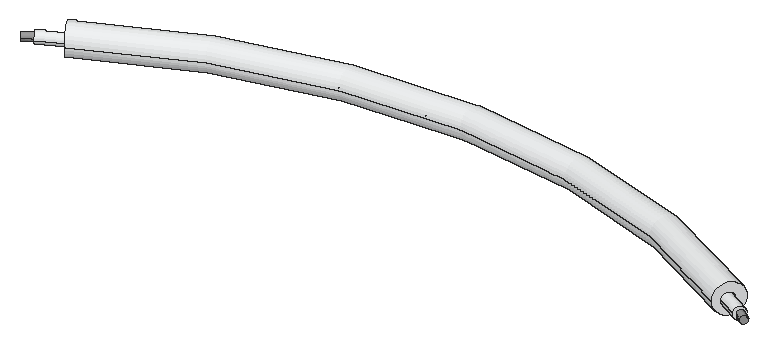
Revit family
Parameters (values of type "B32-83-10")
  URL = "http://viewer.zmags.com/publication/f01ae52f"
  Tube Radius = 16.5 mm
  Tube = RAL 9016
  Thermal Performance = Thermal Performance Constant * Length / 1000 mm  # 220.152
  Socket Radius = 10 mm
  Socket Length = 1.00°
  Socket = RAL 9016
  R = ((K ^ 2) / (8 * H) + (H / 2))  # 1816.667 mm
  Model = "B32-83-10"
  Manufacturer = "Meinertz"  # constant formula
  Length = 2 * 3.14 * R * Alpha / Full Circle  # 2116.846 mm
  Keynote = "B32-83-10"
  K = 2000 mm
  H = 300 mm
  GoGetNo = 6976  # constant formula
  Fins = yes
  Fin Radius = 41.5 mm
  Fin Diameter = Fin Radius * 2  # 83 mm
  Fin = RAL 9016 F
  Full Circle = 360.00°  # constant formula
  Thermal Performance Constant = if(Fin Diameter = 73 mm, 88, if(Fin Diameter = 83 mm, 104, if(Fin Diameter = 92 mm, 88, if(Fin Diameter = 98 mm, 82, if(Fin Diameter = 123 mm, 110, if(Fin Diameter = 139 mm, 133, 180))))))  # 104
  Alpha = 2 * acos((R - H) / R)  # 66.797°
Types (3, lengths in mm): name | Tube Radius | Thermal Performance | Socket Length | Model | Keynote | Fin Radius | Fin Diameter | Thermal Performance Constant
  (no name) | 16.5 | 220.152 | 1.00° | "B32-83-10" | "B32-83-10" | 41.5 | 83 | 104
  B32-83-10 | 16.5 | 220.152 | 1.00° | "B32-83-10" | "B32-83-10" | 41.5 | 83 | 104
  B42-92-10 | 21 | 186.2824 | 0.50° | "B42-92-10" | "B42-92-10" | 46 | 92 | 88
Reference planes
  plane 1 "Center (Front/Back)": y = 0
  plane 2: z = 0
  plane 3 "Center (Left/Right)": x = 0
  plane 4: y = 877.583
  plane 5: y = -639.084
  plane 6: y = 1177.583
  plane 7: y = 915.687
Forms (mm)
  Sweep 1, solid, material "RAL 9016" <- "Tube"
    path origin (0, 0, 0) x (1, 0, 0) y (0, 1, 0)
      loop
        arc (1000, 877.583) -> (0, 1177.583) -> (-1000, 877.583) r 1816.667
    profile origin (0, 1177.583, 0) x (0, -1, 0) y (0, 0, 1)
      loop
        circle (0, 0) r 16.5
  Sweep 2, solid, material "RAL 9016 F" <- "Fin", visible <- "Fins"
    path origin (0, 0, 0) x (1, 0, 0) y (0, 1, 0)
      loop
        arc (939.662, 915.687) -> (0, 1177.583) -> (-939.662, 915.687) r 1816.667
    profile origin (0, 1177.583, 0) x (0, -1, 0) y (0, 0, 1)
      loop
        circle (0, 0) r 16.5
      loop
        circle (0, 0) r 41.5
  Sweep 3, solid, material "Tap"
    path origin (0, 0, 0) x (1, 0, 0) y (0, 1, 0)
      loop
        arc (-1000, 877.583) -> (-1013.197, 868.798) -> (-1026.317, 859.899) r 1816.667
    profile origin (-1013.197, 868.798, 0) x (0.557723, -0.830027, 0) y (0, 0, 1)
      loop
        circle (0, 0) r 10
  Sweep 4, solid, material "Tap"
    path origin (0, 0, 0) x (1, 0, 0) y (0, 1, 0)
      loop
        arc (1026.317, 859.899) -> (1013.197, 868.798) -> (1000, 877.583) r 1816.667
    profile origin (1013.197, 868.798, 0) x (-0.557723, -0.830027, 0) y (0, 0, 1)
      loop
        circle (0, 0) r 10
Lines and regions (mm)
  symbolic lines
    curve 1: arc (1000, 877.583, 0) -> (0, 1177.583, 0) -> (-1000, 877.583, 0) r 1816.667
Dimensions and locks
  "H": plane 6 to plane 4
  "R": plane 6 to plane 5
  "Tube Radius": radius of Sweep 1 sketch curve
  "Tube Radius": radius of Sweep 2 sketch curve
  "Fin Radius": radius of Sweep 2 sketch curve
  "R": radius of curve 1
  "Socket Radius": radius of Sweep 3 sketch curve
  "Socket Radius": radius of Sweep 4 sketch curve
  "Socket Length": angle Sweep 3 sketch curve to Sweep 3 sketch curve
  "Socket Length": angle Sweep 4 sketch curve to Sweep 4 sketch curve
  aligned and locked: Sweep 2 sketch curve to curve 1
  aligned and locked: Sweep 1 sketch curve to curve 1
  aligned and locked: Sweep 3 sketch curve to curve 1
  aligned and locked: Sweep 4 sketch curve to curve 1
Automatic sketch dimensions
  Sweep 1 sketch curve to level = 0 mm
  Sweep 1 sketch curve to profile plane = 0 mm
  Sweep 2 sketch curve to Sweep 2 sketch curve = 0 mm  (x2)
  Sweep 2 sketch curve to level = 0 mm
  Sweep 2 sketch curve to profile plane = 0 mm
  plane 4 to Sweep 2 sketch curve = 38.105 mm  (x2)
  Sweep 1 sketch curve to plane 4 = 0 mm  (x2)
  curve 1 to plane 3 "Center (Left/Right)" = 0 mm
  curve 1 to plane 4 = 0 mm  (x2)
  curve 1 to plane 5 = 0 mm
  Sweep 3 sketch curve to plane 4 = 0 mm
  Sweep 3 sketch curve to level = 0 mm
  Sweep 3 sketch curve to profile plane = 0 mm
  Sweep 4 sketch curve to plane 4 = 0 mm
  Sweep 4 sketch curve to level = 0 mm
  Sweep 4 sketch curve to profile plane = 0 mm
Connectors
  piping at (-1026.317, 859.899, 0)
    settings: on Sweep 3, index 1, connector radius 10 mm, flow factor 0, pipe flow 0.0 L/s, pressure drop 0.0 Pa, fitting loss kfactor 0, connector angle 0.00°, fixture units 0, flow configuration 1, flow direction 1, fitting loss method 0, system type 22, connector reference index -1, connector utility 0, adjustable connector no, is connector primary yes, fitting loss table "", connector description ""
  piping at (1026.317, 859.899, 0)
    settings: on Sweep 4, index 2, connector radius 10 mm, flow factor 0, pipe flow 0.0 L/s, pressure drop 0.0 Pa, fitting loss kfactor 0, connector angle 0.00°, fixture units 0, flow configuration 1, flow direction 2, fitting loss method 0, system type 22, connector reference index -1, connector utility 0, adjustable connector no, is connector primary no, fitting loss table "", connector description ""
